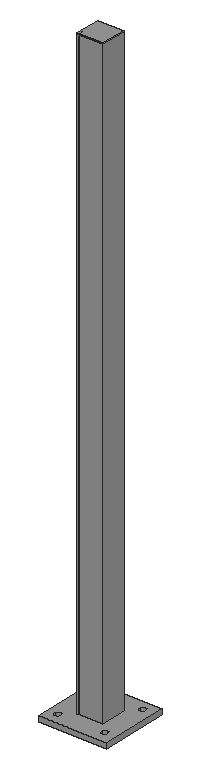
Revit family "Palmshield-Asia-Louver-Post", category Specialty Equipment, Revit 2026
Family settings
  Round Connector Dimension = Use Diameter
  Part Type = Normal
  Classification Number = 23.55.00.00
  Work Plane-Based = No
  Enable Cutting in Views = No
  Always vertical = No
  Cut with Voids When Loaded = No
  Maintain Annotation Orientation = No
  Shared = No
  Room Calculation Point = No
Parameters (values of type "Assembly")
  Warranty URL = "https://palmshieldlouvers.com/wp-content/uploads/2020/01/PalmSHIELD-Warranty-NO-SIGN-LINE.pdf"
  Version = "2020 - v1.0a"  # constant formula
  URL = "https://palmshieldlouvers.com/"
  Product Page URL = "https://palmshieldlouvers.com/products/semi-private-screening/"
  Product Documentation Link = "http://palmshieldlouvers.com/wp-content/uploads/2020/05/PalmSHIELD-Semi-Private-Composite-Technical-Data-Sheet.pdf"
  Model = "Asia - Aluminum - Post Assembly"  # constant formula
  Material = Metal - PalmSHIELD - Dusty Grey
  Manufacturer Phone Number = "531-329-4406 "  # constant formula
  Manufacturer Email = "mailto: info@palmshieldlouvers.com"
  Manufacturer Address = "12330 Cary Circle, La Vista, NE 68128"  # constant formula
  Manufacturer = "PalmSHIELD"  # constant formula
  Keynote = "05 10 00"
  Instruction Sheet Link = "http://palmshieldlouvers.com/wp-content/uploads/2020/01/PalmSHIELD-Post-Panel-Gate-Installation-Instructions-REV-1.pdf"
  ID [instance] = "Not Assigned"
  Height [instance] = if(Desired Overall Height < C Min Height, C Min Height, if(Desired Overall Height > C Max Height, C Max Height, Desired Overall Height))  # 6' - 0"
  Desired Overall Height [instance] = 6' - 0"
  Description = "Asia - Aluminum"  # constant formula
  Default Elevation = 0' - 0"
  Copyright = "Copyright ©2024 The American Fence Company and PalmSHIELD. All Rights Reserved."  # constant formula
  Component Vis [instance] = yes
  Component Name [instance] = "Asia - Aluminum - Square Post"  # constant formula
  C Min Height [instance] = 3' - 4"  # constant formula
  C Max Height [instance] = 12' - 0"  # constant formula
  Assembly Code = "F1020100"
Reference planes (in)
  plane 1 "Center (Front/Back)": y = 0
  plane 2: z = 0
  plane 3 "Center (Left/Right)": x = 0
  plane 4: z = 72
Lines and regions (in)
  reference lines
    curve 1: line (-23.79961, 0, 72) -> (24.20039, 0, 72)
Dimensions and locks (in)
  "Desired Overall Height": curve 1 to plane 2
  "Height": plane 4 to plane 2
  aligned and locked: plane 2 to level
Automatic sketch dimensions
  curve 1 to plane 3 "Center (Left/Right)" = 1' - 11.79961"
  plane 3 "Center (Left/Right)" to curve 1 = 2' - 0.20039"
Nested families (in)
  nested 1: "Screening-Louver-Assembly-Post-Palmshield-Asia" at (0, 0, 0), Desired Overall Height <- "Desired Overall Height", ID <- "ID", Component Vis <- "Component Vis", type "Default"
    with Overall Height 6' - 0", ID "Not Assigned", Desired Overall Height 6' - 0", Component Vis yes, Component Name "Atlas - Post Assembly"
  nested 2: "Nested-Base_Plate-Palmshield-Asia" at (0, 0, 0), type "8" x 8" x 5/8""
    with Material Metal - PalmSHIELD - Dusty Grey, ID "Not Assigned", Component Name "Asia - Aluminum - Base Plate"
  nested 3: "Nested-Square_Post-Palmshield-Asia" at (0, 0, 0.625), type "3" X 3" SQ TUBE POST"
    with Material Metal - PalmSHIELD - Dusty Grey, Length 5' - 11 1/4", ID "Not Assigned", Component Name "Asia - Aluminum - Square Post"
  nested 4: "Nested-Top_Cap-Palmshield-Asia" at (0, 0, 71.875), type "3" x 3" x 1/8""
    with Material Metal - PalmSHIELD - Dusty Grey, ID "Not Assigned", Component Name "Asia - Aluminum - Square Top Cap"
Definition of nested family "Nested-Base_Plate-Palmshield-Asia"
  Parameters (values of type "8" x 8" x 5/8"")
    Width = 0' - 8"  # constant formula
    Warranty URL = "https://palmshieldlouvers.com/wp-content/uploads/2020/01/PalmSHIELD-Warranty-NO-SIGN-LINE.pdf"
    Version = "2020 - v1.0a"  # constant formula
    URL = "https://palmshieldlouvers.com/"
    Thickness = 0' - 0 5/8"  # constant formula
    Product Page URL = "https://palmshieldlouvers.com/products/louvers/"
    Product Documentation Link = "https://palmshieldlouvers.com/wp-content/uploads/2022/01/Asia-Commercial-Horizontal-Technical-Data-Sheet.pdf"
    Model = "Asia"  # constant formula
    Material [instance] = none
    Manufacturer Phone Number = "531-329-4406 "  # constant formula
    Manufacturer Fax Number = "Consult Manufacturer Website for More Information"  # constant formula
    Manufacturer Email = "mailto: info@palmshieldlouvers.com"
    Manufacturer Address = "12330 Cary Circle, La Vista, NE 68128"  # constant formula
    Manufacturer = "PalmSHIELD"  # constant formula
    Keynote = "05 10 00"
    Instruction Sheet Link = "https://palmshieldlouvers.com/wp-content/uploads/2021/09/PalmSHIELD-Mercury-Series-Post-Panel-Gate-Installation-Instructions-2.docx"
    ID [instance] = ""
    Hole Diameter = 0' - 0 3/4"  # constant formula
    Description = "Atlas - Base Plate"  # constant formula
    Default Elevation = 4' - 0"
    Copyright = "Copyright ©2024 The American Fence Company and PalmSHIELD. All Rights Reserved."  # constant formula
    Component Name [instance] = "Asia - Aluminum - Base Plate"  # constant formula
    C Hole Offset = 0' - 1 1/4"  # constant formula
    Assembly Code = "F1020100"
  Reference planes (in)
    plane 1 "Center (Front/Back)": y = 0
    plane 2: z = 0
    plane 3 "Center (Left/Right)": x = 0
    plane 4: y = 4
    plane 5: x = 4
    plane 6: y = -4
    plane 7: x = -4
    plane 8: z = 0.625
  Forms (in)
    Extrusion 1, solid
      sketch origin (0, 0, 0) x (1, 0, 0) y (0, 1, 0)
        loop
          line (-48, 48) -> (-48, -48) -> (48, -48) -> (48, 48) -> (-48, 48)
      from 0 to -12
    Extrusion 2, solid, material <- "Material"
      sketch origin (0, 0, 0) x (1, 0, 0) y (0, 1, 0)
        loop
          line (-4, 4) -> (-4, -4) -> (4, -4) -> (4, 4) -> (-4, 4)
        loop
          circle (-2.75, 2.75) r 0.375
        loop
          circle (2.75, 2.75) r 0.375
        loop
          circle (-2.75, -2.75) r 0.375
        loop
          circle (2.75, -2.75) r 0.375
      from 0 to 0.625
  Dimensions and locks (in)
    equal spacing: plane 7, plane 3 "Center (Left/Right)", plane 5
    equal spacing: plane 4, plane 1 "Center (Front/Back)", plane 6
    "Width": plane 7 to plane 5
    "Width": plane 4 to plane 6
    "C Hole Offset": plane 7 to Extrusion 2 sketch curve  (x2)
    "C Hole Offset": Extrusion 2 sketch curve to plane 5  (x2)
    "C Hole Offset": plane 4 to Extrusion 2 sketch curve  (x2)
    "C Hole Offset": plane 6 to Extrusion 2 sketch curve  (x2)
    "Thickness": plane 8 to plane 2
    "Hole Diameter": diameter of Extrusion 2 sketch curve  (x4)
    aligned and locked: plane 2 to Extrusion 1
    aligned and locked: level to Extrusion 1
    aligned and locked: Extrusion 2 sketch curve to plane 4
    aligned and locked: plane 7 to Extrusion 2 sketch curve
    aligned and locked: Extrusion 2 sketch curve to plane 6
    aligned and locked: Extrusion 2 sketch curve to plane 5
    aligned and locked: plane 8 to Extrusion 2
  Automatic sketch dimensions
    Extrusion 1 sketch curve to Extrusion 1 sketch curve = 8' - 0"  (x2)
Definition of nested family "Nested-Square_Post-Palmshield-Asia"
  Parameters (values of type "3" X 3" SQ TUBE POST")
    Width = 0' - 3"  # constant formula
    Warranty URL = "https://palmshieldlouvers.com/wp-content/uploads/2020/01/PalmSHIELD-Warranty-NO-SIGN-LINE.pdf"
    Version = "2020 - v1.0a"  # constant formula
    URL = "https://palmshieldlouvers.com/"
    Thickness = 0' - 0 1/8"  # constant formula
    Product Page URL = "https://palmshieldlouvers.com/products/louvers/"
    Product Documentation Link = "https://palmshieldlouvers.com/wp-content/uploads/2022/01/Asia-Commercial-Horizontal-Technical-Data-Sheet.pdf"
    Model = "Atlas"  # constant formula
    Material [instance] = none
    Manufacturer Phone Number = "531-329-4406 "  # constant formula
    Manufacturer Fax Number = "Consult Manufacturer Website for More Information"  # constant formula
    Manufacturer Email = "mailto: info@palmshieldlouvers.com"
    Manufacturer Address = "12330 Cary Circle, La Vista, NE 68128"  # constant formula
    Manufacturer = "PalmSHIELD"  # constant formula
    Length [instance] = 4' - 4.86713"
    Keynote = "05 10 00"
    Instruction Sheet Link = "https://palmshieldlouvers.com/wp-content/uploads/2021/09/PalmSHIELD-Mercury-Series-Post-Panel-Gate-Installation-Instructions-2.docx"
    ID [instance] = ""
    Description = "Asia - Post"  # constant formula
    Default Elevation = 4' - 0"
    Copyright = "Copyright ©2024 The American Fence Company and PalmSHIELD. All Rights Reserved."  # constant formula
    Component Name [instance] = "Asia - Aluminum - Square Post"  # constant formula
    C Hole Offset = 0' - 1 1/2"  # constant formula
    Assembly Code = "F1020100"
  Reference planes (in)
    plane 1 "Center (Front/Back)": y = 0
    plane 2: z = 0
    plane 3 "Center (Left/Right)": x = 0
    plane 4: z = 52.86713
    plane 5: x = 1.5
    plane 6: x = -1.5
  Forms (in)
    Extrusion 1, solid
      sketch origin (0, 0, 0) x (1, 0, 0) y (0, 1, 0)
        loop
          line (-48, 48) -> (-48, -48) -> (48, -48) -> (48, 48) -> (-48, 48)
      from 0 to -12
    Sweep 2, solid, material <- "Material"
      path origin (0, 0, 0) x (0, 1, 0) y (0, 0, 1)
        loop
          line (0, 0) -> (0, 52.86713)
      profile "Profile-Palmshield-Square : 3" X 3" X 1/8" SQ. TUBE POST" origin (0, 0, 26.43357) x (0, -1, 0) y (1, 0, 0)
        loop
          line (1.375, 1.375) -> (-1.375, 1.375) -> (-1.375, -1.375) -> (1.375, -1.375) -> (1.375, 1.375)
        loop
          line (-1.5, -1.5) -> (1.5, -1.5) -> (1.5, 1.5) -> (-1.5, 1.5) -> (-1.5, -1.5)
  Dimensions and locks (in)
    "Length": plane 4 to plane 2
    equal spacing: plane 5, plane 3 "Center (Left/Right)", plane 6
    "Width": plane 5 to plane 6
    aligned and locked: plane 2 to Extrusion 1
    aligned and locked: level to Extrusion 1
    aligned and locked: plane 1 "Center (Front/Back)" to Sweep 2 sketch curve
    aligned and locked: plane 4 to Sweep 2 sketch curve
  Automatic sketch dimensions
    Extrusion 1 sketch curve to Extrusion 1 sketch curve = 8' - 0"  (x2)
    Sweep 2 sketch curve to level = 0' - 0"
Definition of nested family "Nested-Top_Cap-Palmshield-Asia"
  Parameters (values of type "3" x 3" x 1/8"")
    Width = 0' - 3"  # constant formula
    Warranty URL = "https://palmshieldlouvers.com/wp-content/uploads/2020/01/PalmSHIELD-Warranty-NO-SIGN-LINE.pdf"
    Version = "2020 - v1.0a"  # constant formula
    URL = "https://palmshieldlouvers.com/"
    Thickness = 0' - 0 1/8"  # constant formula
    Product Page URL = "https://palmshieldlouvers.com/products/louvers/"
    Product Documentation Link = "https://palmshieldlouvers.com/wp-content/uploads/2022/01/Asia-Commercial-Horizontal-Technical-Data-Sheet.pdf"
    Model = "Asia"  # constant formula
    Material [instance] = none
    Manufacturer Phone Number = "531-329-4406 "  # constant formula
    Manufacturer Fax Number = "Consult Manufacturer Website for More Information"  # constant formula
    Manufacturer Email = "mailto: info@palmshieldlouvers.com"
    Manufacturer Address = "12330 Cary Circle, La Vista, NE 68128"  # constant formula
    Manufacturer = "PalmSHIELD"  # constant formula
    Keynote = "05 10 00"
    Instruction Sheet Link = "https://palmshieldlouvers.com/wp-content/uploads/2021/09/PalmSHIELD-Mercury-Series-Post-Panel-Gate-Installation-Instructions-2.docx"
    ID [instance] = ""
    Description = "Asia - Top Cap"  # constant formula
    Default Elevation = 4' - 0"
    Copyright = "Copyright ©2024 The American Fence Company and PalmSHIELD. All Rights Reserved."  # constant formula
    Component Name [instance] = "Asia - Aluminum - Square Top Cap"  # constant formula
    Assembly Code = "F1020100"
  Reference planes (in)
    plane 1 "Center (Front/Back)": y = 0
    plane 2: z = 0
    plane 3 "Center (Left/Right)": x = 0
    plane 4: y = 1.5
    plane 5: x = 1.5
    plane 6: y = -1.5
    plane 7: x = -1.5
    plane 8: z = 0.125
  Forms (in)
    Extrusion 1, solid
      sketch origin (0, 0, 0) x (1, 0, 0) y (0, 1, 0)
        loop
          line (-48, 48) -> (-48, -48) -> (48, -48) -> (48, 48) -> (-48, 48)
      from 0 to -12
    Extrusion 2, solid, material <- "Material"
      sketch origin (0, 0, 0) x (1, 0, 0) y (0, 1, 0)
        loop
          line (-1.5, 1.5) -> (-1.5, -1.5) -> (1.5, -1.5) -> (1.5, 1.5) -> (-1.5, 1.5)
      from 0 to 0.125
  Dimensions and locks (in)
    equal spacing: plane 7, plane 3 "Center (Left/Right)", plane 5
    equal spacing: plane 4, plane 1 "Center (Front/Back)", plane 6
    "Width": plane 7 to plane 5
    "Width": plane 4 to plane 6
    "Thickness": plane 8 to plane 2
    aligned and locked: plane 2 to Extrusion 1
    aligned and locked: level to Extrusion 1
    aligned and locked: Extrusion 2 sketch curve to plane 4
    aligned and locked: plane 7 to Extrusion 2 sketch curve
    aligned and locked: Extrusion 2 sketch curve to plane 6
    aligned and locked: Extrusion 2 sketch curve to plane 5
    aligned and locked: plane 8 to Extrusion 2
  Automatic sketch dimensions
    Extrusion 1 sketch curve to Extrusion 1 sketch curve = 8' - 0"  (x2)
Definition of nested family "Screening-Louver-Assembly-Post-Palmshield-Asia"
  Parameters (values of type "Default")
    Width = 0' - 3"  # constant formula
    Warranty URL = "https://palmshieldlouvers.com/wp-content/uploads/2020/01/PalmSHIELD-Warranty-NO-SIGN-LINE.pdf"
    Version = "2020 - v1.0a"  # constant formula
    URL = "https://palmshieldlouvers.com/"
    Top Cap Thickness = 0' - 0 1/8"  # constant formula
    Product Page URL = "https://palmshieldlouvers.com/products/louvers/"
    Product Documentation Link = "https://palmshieldlouvers.com/wp-content/uploads/2022/01/Asia-Commercial-Horizontal-Technical-Data-Sheet.pdf"
    Overall Height [instance] = if(Desired Overall Height < 3' 0", 3' 0", if(Desired Overall Height > 12' 0", 12' 0", Desired Overall Height))  # 6' - 0"
    Model = "Asia - Post Assembly"  # constant formula
    Material = none
    Manufacturer Phone Number = "531-329-4406 "  # constant formula
    Manufacturer Fax Number = "Consult Manufacturer Website for More Information"  # constant formula
    Manufacturer Email = "mailto: info@palmshieldlouvers.com"
    Manufacturer Address = "12330 Cary Circle, La Vista, NE 68128"  # constant formula
    Manufacturer = "PalmSHIELD"  # constant formula
    Keynote = "05 10 00"
    Instruction Sheet Link = "https://palmshieldlouvers.com/wp-content/uploads/2021/09/PalmSHIELD-Mercury-Series-Post-Panel-Gate-Installation-Instructions-2.docx"
    ID [instance] = "Not Assigned"
    Desired Overall Height [instance] = 6' - 0"
    Description = "Asia - Post Assembly"  # constant formula
    Default Elevation = 4' - 0"
    Copyright = "Copyright ©2024 The American Fence Company and PalmSHIELD. All Rights Reserved."  # constant formula
    Component Vis [instance] = yes
    Component Name [instance] = "Atlas - Post Assembly"  # constant formula
    C Panel Offset From Ground = 0' - 3 1/2"  # constant formula
    Base Plate Thickness = 0' - 0 5/8"  # constant formula
    Assembly Code = "F1020100"
  Reference planes (in)
    plane 1 "Center (Front/Back)": y = 0
    plane 2: z = 0
    plane 3 "Center (Left/Right)": x = 0
    plane 4: x = 1.5
    plane 5: x = -1.5
    plane 6: z = 72
    plane 7: z = 71.875
    plane 8: z = 3.5
  Forms (in)
    Extrusion 1, solid
      sketch origin (0, 0, 0) x (1, 0, 0) y (0, 1, 0)
        loop
          line (-48, 48) -> (-48, -48) -> (48, -48) -> (48, 48) -> (-48, 48)
      from 0 to -12
  Lines and regions (in)
    reference lines
      curve 1: line (-63.66684, 0, 72) -> (79.33316, 0, 72)
  Dimensions and locks (in)
    equal spacing: plane 4, plane 3 "Center (Left/Right)", plane 5
    "Width": plane 4 to plane 5
    "Top Cap Thickness": plane 6 to plane 7
    "C Panel Offset From Ground": plane 8 to plane 2
    "Overall Height": plane 6 to plane 2
    "Desired Overall Height": curve 1 to plane 2
    aligned and locked: plane 2 to Extrusion 1
    aligned and locked: level to Extrusion 1
    aligned and locked: plane 3 "Center (Left/Right)" to nested 1
    aligned and locked: plane 1 "Center (Front/Back)" to nested 1
    aligned and locked: plane 7 to nested 2
    aligned and locked: nested 2 to nested 3
    aligned and locked: plane 1 "Center (Front/Back)" to nested 3
    aligned and locked: plane 3 "Center (Left/Right)" to nested 2
    aligned and locked: plane 1 "Center (Front/Back)" to nested 2
  Automatic sketch dimensions
    Extrusion 1 sketch curve to Extrusion 1 sketch curve = 8' - 0"  (x2)
    curve 1 to plane 5 = 5' - 2.16684"
    plane 4 to curve 1 = 6' - 5.83316"
  Nested families (in)
    nested 1: "Nested-Base_Plate-Palmshield-Asia" at (0, 0, 0), ID <- "ID", Material <- "Material", visible <- "Component Vis", type "8" x 8" x 5/8""
      with Material none, ID "Not Assigned", Component Name "Asia - Aluminum - Base Plate"
    nested 2: "Nested-Square_Post-Palmshield-Asia" at (0, 0, 0.625), ID <- "ID", Material <- "Material", visible <- "Component Vis", type "3" X 3" SQ TUBE POST"
      with Material none, Length 5' - 11 1/4", ID "Not Assigned", Component Name "Asia - Aluminum - Square Post"
    nested 3: "Nested-Top_Cap-Palmshield-Asia" at (0, 0, 71.875), ID <- "ID", Material <- "Material", visible <- "Component Vis", type "3" x 3" x 1/8""
      with Material none, ID "Not Assigned", Component Name "Asia - Aluminum - Square Top Cap"
  Definition of nested family "Nested-Base_Plate-Palmshield-Asia"
    Parameters (values of type "8" x 8" x 5/8"")
      Width = 0' - 8"  # constant formula
      Warranty URL = "https://palmshieldlouvers.com/wp-content/uploads/2020/01/PalmSHIELD-Warranty-NO-SIGN-LINE.pdf"
      Version = "2020 - v1.0a"  # constant formula
      URL = "https://palmshieldlouvers.com/"
      Thickness = 0' - 0 5/8"  # constant formula
      Product Page URL = "https://palmshieldlouvers.com/products/louvers/"
      Product Documentation Link = "https://palmshieldlouvers.com/wp-content/uploads/2022/01/Asia-Commercial-Horizontal-Technical-Data-Sheet.pdf"
      Model = "Asia"  # constant formula
      Material [instance] = none
      Manufacturer Phone Number = "531-329-4406 "  # constant formula
      Manufacturer Fax Number = "Consult Manufacturer Website for More Information"  # constant formula
      Manufacturer Email = "mailto: info@palmshieldlouvers.com"
      Manufacturer Address = "12330 Cary Circle, La Vista, NE 68128"  # constant formula
      Manufacturer = "PalmSHIELD"  # constant formula
      Keynote = "05 10 00"
      Instruction Sheet Link = "https://palmshieldlouvers.com/wp-content/uploads/2021/09/PalmSHIELD-Mercury-Series-Post-Panel-Gate-Installation-Instructions-2.docx"
      ID [instance] = ""
      Hole Diameter = 0' - 0 3/4"  # constant formula
      Description = "Atlas - Base Plate"  # constant formula
      Default Elevation = 4' - 0"
      Copyright = "Copyright ©2024 The American Fence Company and PalmSHIELD. All Rights Reserved."  # constant formula
      Component Name [instance] = "Asia - Aluminum - Base Plate"  # constant formula
      C Hole Offset = 0' - 1 1/4"  # constant formula
      Assembly Code = "F1020100"
    Reference planes (in)
      plane 1 "Center (Front/Back)": y = 0
      plane 2: z = 0
      plane 3 "Center (Left/Right)": x = 0
      plane 4: y = 4
      plane 5: x = 4
      plane 6: y = -4
      plane 7: x = -4
      plane 8: z = 0.625
    Forms (in)
      Extrusion 1, solid
        sketch origin (0, 0, 0) x (1, 0, 0) y (0, 1, 0)
          loop
            line (-48, 48) -> (-48, -48) -> (48, -48) -> (48, 48) -> (-48, 48)
        from 0 to -12
      Extrusion 2, solid, material <- "Material"
        sketch origin (0, 0, 0) x (1, 0, 0) y (0, 1, 0)
          loop
            line (-4, 4) -> (-4, -4) -> (4, -4) -> (4, 4) -> (-4, 4)
          loop
            circle (-2.75, 2.75) r 0.375
          loop
            circle (2.75, 2.75) r 0.375
          loop
            circle (-2.75, -2.75) r 0.375
          loop
            circle (2.75, -2.75) r 0.375
        from 0 to 0.625
    Dimensions and locks (in)
      equal spacing: plane 7, plane 3 "Center (Left/Right)", plane 5
      equal spacing: plane 4, plane 1 "Center (Front/Back)", plane 6
      "Width": plane 7 to plane 5
      "Width": plane 4 to plane 6
      "C Hole Offset": plane 7 to Extrusion 2 sketch curve  (x2)
      "C Hole Offset": Extrusion 2 sketch curve to plane 5  (x2)
      "C Hole Offset": plane 4 to Extrusion 2 sketch curve  (x2)
      "C Hole Offset": plane 6 to Extrusion 2 sketch curve  (x2)
      "Thickness": plane 8 to plane 2
      "Hole Diameter": diameter of Extrusion 2 sketch curve  (x4)
      aligned and locked: plane 2 to Extrusion 1
      aligned and locked: level to Extrusion 1
      aligned and locked: Extrusion 2 sketch curve to plane 4
      aligned and locked: plane 7 to Extrusion 2 sketch curve
      aligned and locked: Extrusion 2 sketch curve to plane 6
      aligned and locked: Extrusion 2 sketch curve to plane 5
      aligned and locked: plane 8 to Extrusion 2
    Automatic sketch dimensions
      Extrusion 1 sketch curve to Extrusion 1 sketch curve = 8' - 0"  (x2)
  Definition of nested family "Nested-Square_Post-Palmshield-Asia"
    Parameters (values of type "3" X 3" SQ TUBE POST")
      Width = 0' - 3"  # constant formula
      Warranty URL = "https://palmshieldlouvers.com/wp-content/uploads/2020/01/PalmSHIELD-Warranty-NO-SIGN-LINE.pdf"
      Version = "2020 - v1.0a"  # constant formula
      URL = "https://palmshieldlouvers.com/"
      Thickness = 0' - 0 1/8"  # constant formula
      Product Page URL = "https://palmshieldlouvers.com/products/louvers/"
      Product Documentation Link = "https://palmshieldlouvers.com/wp-content/uploads/2022/01/Asia-Commercial-Horizontal-Technical-Data-Sheet.pdf"
      Model = "Atlas"  # constant formula
      Material [instance] = none
      Manufacturer Phone Number = "531-329-4406 "  # constant formula
      Manufacturer Fax Number = "Consult Manufacturer Website for More Information"  # constant formula
      Manufacturer Email = "mailto: info@palmshieldlouvers.com"
      Manufacturer Address = "12330 Cary Circle, La Vista, NE 68128"  # constant formula
      Manufacturer = "PalmSHIELD"  # constant formula
      Length [instance] = 4' - 4.86713"
      Keynote = "05 10 00"
      Instruction Sheet Link = "https://palmshieldlouvers.com/wp-content/uploads/2021/09/PalmSHIELD-Mercury-Series-Post-Panel-Gate-Installation-Instructions-2.docx"
      ID [instance] = ""
      Description = "Asia - Post"  # constant formula
      Default Elevation = 4' - 0"
      Copyright = "Copyright ©2024 The American Fence Company and PalmSHIELD. All Rights Reserved."  # constant formula
      Component Name [instance] = "Asia - Aluminum - Square Post"  # constant formula
      C Hole Offset = 0' - 1 1/2"  # constant formula
      Assembly Code = "F1020100"
    Reference planes (in)
      plane 1 "Center (Front/Back)": y = 0
      plane 2: z = 0
      plane 3 "Center (Left/Right)": x = 0
      plane 4: z = 52.86713
      plane 5: x = 1.5
      plane 6: x = -1.5
    Forms (in)
      Extrusion 1, solid
        sketch origin (0, 0, 0) x (1, 0, 0) y (0, 1, 0)
          loop
            line (-48, 48) -> (-48, -48) -> (48, -48) -> (48, 48) -> (-48, 48)
        from 0 to -12
      Sweep 2, solid, material <- "Material"
        path origin (0, 0, 0) x (0, 1, 0) y (0, 0, 1)
          loop
            line (0, 0) -> (0, 52.86713)
        profile "Profile-Palmshield-Square : 3" X 3" X 1/8" SQ. TUBE POST" origin (0, 0, 26.43357) x (0, -1, 0) y (1, 0, 0)
          loop
            line (1.375, 1.375) -> (-1.375, 1.375) -> (-1.375, -1.375) -> (1.375, -1.375) -> (1.375, 1.375)
          loop
            line (-1.5, -1.5) -> (1.5, -1.5) -> (1.5, 1.5) -> (-1.5, 1.5) -> (-1.5, -1.5)
    Dimensions and locks (in)
      "Length": plane 4 to plane 2
      equal spacing: plane 5, plane 3 "Center (Left/Right)", plane 6
      "Width": plane 5 to plane 6
      aligned and locked: plane 2 to Extrusion 1
      aligned and locked: level to Extrusion 1
      aligned and locked: plane 1 "Center (Front/Back)" to Sweep 2 sketch curve
      aligned and locked: plane 4 to Sweep 2 sketch curve
    Automatic sketch dimensions
      Extrusion 1 sketch curve to Extrusion 1 sketch curve = 8' - 0"  (x2)
      Sweep 2 sketch curve to level = 0' - 0"
  Definition of nested family "Nested-Top_Cap-Palmshield-Asia"
    Parameters (values of type "3" x 3" x 1/8"")
      Width = 0' - 3"  # constant formula
      Warranty URL = "https://palmshieldlouvers.com/wp-content/uploads/2020/01/PalmSHIELD-Warranty-NO-SIGN-LINE.pdf"
      Version = "2020 - v1.0a"  # constant formula
      URL = "https://palmshieldlouvers.com/"
      Thickness = 0' - 0 1/8"  # constant formula
      Product Page URL = "https://palmshieldlouvers.com/products/louvers/"
      Product Documentation Link = "https://palmshieldlouvers.com/wp-content/uploads/2022/01/Asia-Commercial-Horizontal-Technical-Data-Sheet.pdf"
      Model = "Asia"  # constant formula
      Material [instance] = none
      Manufacturer Phone Number = "531-329-4406 "  # constant formula
      Manufacturer Fax Number = "Consult Manufacturer Website for More Information"  # constant formula
      Manufacturer Email = "mailto: info@palmshieldlouvers.com"
      Manufacturer Address = "12330 Cary Circle, La Vista, NE 68128"  # constant formula
      Manufacturer = "PalmSHIELD"  # constant formula
      Keynote = "05 10 00"
      Instruction Sheet Link = "https://palmshieldlouvers.com/wp-content/uploads/2021/09/PalmSHIELD-Mercury-Series-Post-Panel-Gate-Installation-Instructions-2.docx"
      ID [instance] = ""
      Description = "Asia - Top Cap"  # constant formula
      Default Elevation = 4' - 0"
      Copyright = "Copyright ©2024 The American Fence Company and PalmSHIELD. All Rights Reserved."  # constant formula
      Component Name [instance] = "Asia - Aluminum - Square Top Cap"  # constant formula
      Assembly Code = "F1020100"
    Reference planes (in)
      plane 1 "Center (Front/Back)": y = 0
      plane 2: z = 0
      plane 3 "Center (Left/Right)": x = 0
      plane 4: y = 1.5
      plane 5: x = 1.5
      plane 6: y = -1.5
      plane 7: x = -1.5
      plane 8: z = 0.125
    Forms (in)
      Extrusion 1, solid
        sketch origin (0, 0, 0) x (1, 0, 0) y (0, 1, 0)
          loop
            line (-48, 48) -> (-48, -48) -> (48, -48) -> (48, 48) -> (-48, 48)
        from 0 to -12
      Extrusion 2, solid, material <- "Material"
        sketch origin (0, 0, 0) x (1, 0, 0) y (0, 1, 0)
          loop
            line (-1.5, 1.5) -> (-1.5, -1.5) -> (1.5, -1.5) -> (1.5, 1.5) -> (-1.5, 1.5)
        from 0 to 0.125
    Dimensions and locks (in)
      equal spacing: plane 7, plane 3 "Center (Left/Right)", plane 5
      equal spacing: plane 4, plane 1 "Center (Front/Back)", plane 6
      "Width": plane 7 to plane 5
      "Width": plane 4 to plane 6
      "Thickness": plane 8 to plane 2
      aligned and locked: plane 2 to Extrusion 1
      aligned and locked: level to Extrusion 1
      aligned and locked: Extrusion 2 sketch curve to plane 4
      aligned and locked: plane 7 to Extrusion 2 sketch curve
      aligned and locked: Extrusion 2 sketch curve to plane 6
      aligned and locked: Extrusion 2 sketch curve to plane 5
      aligned and locked: plane 8 to Extrusion 2
    Automatic sketch dimensions
      Extrusion 1 sketch curve to Extrusion 1 sketch curve = 8' - 0"  (x2)
